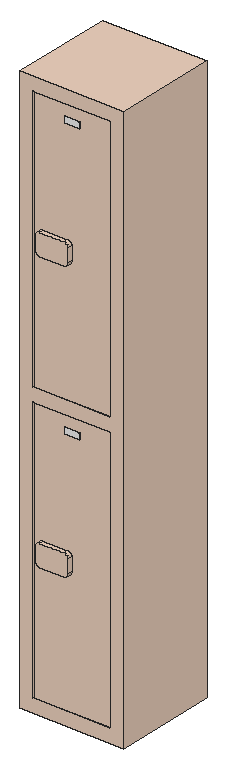
Revit family
Parameters
  Width = 1' - 0"
  Warranty Duration (Years) = 0
  URL = "http://www.asilockers.com/"
  Specification = "http://www.arcat.com/sdspecs/htm/10503asi.htm"
  Send Message = "http://www.arcat.com/users.pl?action=UserEmail&company=ASI%20Storage%20Solutions%20Inc.&coid=42798&rep=139&fax=901-312-6197&mf="
  Sales Information = "http://www.asilockers.com/company.html"
  Revision = "R1_08-2010"
  Product Properties = "http://www.arcat.com/bim/bim_info.pl?fn=ASIStorage"
  Product Data = "http://www.arcat.com/arcatcos/cos42/arc42798.html"
  Number Plate Material = Metal - Polished Aluminum
  Model = "As Specified in 10 51 13"
  Manufacturer Website = "http://www.asilockers.com/"
  Manufacturer Phone = "901-312-6195 "
  Manufacturer Fax = "901-312-6197"
  Manufacturer Address = "4444 Delp St., Memphis, TN 38118"
  Manufacturer = "ASI Storage Solutions Inc."
  Maintenance Schedule (Months) = 0
  Keynote = "10 51 13"
  Installation-Fabrication = "http://www.asilockers.com/installation-assembly/installation.pdf"
  Installation Phase = ""
  Height = 5' - 6"
  Finish = "High density polyethylene (HDPE) sheet"
  Expected Lifespan (Years) = 0
  Drawn By = "Robert S. Weygant, CSI, CDT, SCIP"
  Description = "As Specified in 10 51 13"
  Depth = 1' - 0"
  Copyright = "2010, ARCAT, Inc"
  Construction Details = "http://www.asilockers.com/installation-assembly/one-page-assembly.pdf"
  Color Chart = "http://www.asilockers.com/color-guide.html"
  Color [instance] = Plastic - Ivory Essence Speckle #9500
  Assembly Code = "E2010200"
Reference planes (in)
  plane 1 "Center (Front/Back)": y = 0
  plane 2 "Bottom": z = 0
  plane 3 "Center (Left/Right)": x = 0
  plane 4 "Front": y = -6
  plane 5 "Back": y = 6
  plane 6 "Left": x = -6
  plane 7 "Right": x = 6
  plane 8 "Top": z = 66
  plane 9 "General Ref 2": z = 33
  plane 10 "General Ref 1": z = 65.25
  plane 11 "General Ref 3": z = 0.75
Forms (in)
  Extrusion 1, solid, material "Plastic - Ivory Essence Speckle #9500" <- "Color"
    sketch origin (0, 0, 0) x (1, 0, 0) y (0, 0, 1)
      loop
        line (-6, 66) -> (-6, 0) -> (6, 0) -> (6, 66) -> (-6, 66)
      loop
        line (4.5, 64.5) -> (-4.5, 64.5) -> (-4.5, 33.75) -> (4.5, 33.75) -> (4.5, 64.5)
      loop
        line (-4.5, 1.5) -> (4.5, 1.5) -> (4.5, 32.247) -> (-4.5, 32.247) -> (-4.5, 1.5)
    from -6 to 6
  Extrusion 2, solid, material "Plastic - Ivory Essence Speckle #9500" <- "Color"
    sketch origin (0, 0, 0) x (1, 0, 0) y (0, 0, 1)
      loop
        line (5, 64.75) -> (-5, 64.75) -> (-5, 1.25) -> (5, 1.25) -> (5, 64.75)
    from -6 to 5.88
Cuts and joins
  joined: Extrusion 1, Extrusion 2
Dimensions and locks (in)
  equal spacing: plane 6 "Left", plane 3 "Center (Left/Right)", plane 7 "Right"
  equal spacing: plane 5 "Back", plane 1 "Center (Front/Back)", plane 4 "Front"
  "Width": plane 6 "Left" to plane 7 "Right"
  "Depth": plane 5 "Back" to plane 4 "Front"
  "Height": plane 8 "Top" to level
  locked: plane 4 "Front" to Extrusion 2 at 0.12
  equal spacing: plane 10 "General Ref 1", plane 9 "General Ref 2", plane 11 "General Ref 3"
  locked: plane 8 "Top" to plane 10 "General Ref 1" at 0.75
  locked: plane 10 "General Ref 1" to nested 1 at 2.46449
  locked: plane 9 "General Ref 2" to nested 2 at 2.46449
  locked: nested 4 to plane 6 "Left" at 4
  locked: plane 9 "General Ref 2" to nested 6 at 5.5655
  locked: nested 5 to plane 11 "General Ref 3" at 6.997
  locked: nested 7 to plane 9 "General Ref 2" at 6.997
  locked: plane 10 "General Ref 1" to nested 8 at 5.5655
  equal spacing: plane 10 "General Ref 1", nested 4, plane 9 "General Ref 2"
  equal spacing: plane 9 "General Ref 2", nested 3, plane 11 "General Ref 3"
  locked: plane 11 "General Ref 3" to level at 0.75
  aligned and locked: plane 5 "Back" to Extrusion 1
  aligned and locked: Extrusion 1 to plane 4 "Front"
  aligned and locked: plane 5 "Back" to Extrusion 2
  aligned and locked: plane 3 "Center (Left/Right)" to nested 1
  aligned and locked: plane 3 "Center (Left/Right)" to nested 2
  aligned and locked: nested 3 to nested 4
  aligned and locked: plane 3 "Center (Left/Right)" to nested 5
  aligned and locked: plane 3 "Center (Left/Right)" to nested 6
  aligned and locked: plane 3 "Center (Left/Right)" to nested 7
  aligned and locked: plane 3 "Center (Left/Right)" to nested 8
Automatic sketch dimensions
  Extrusion 1 sketch curve to plane 6 "Left" = 0' - 0"
  Extrusion 1 sketch curve to plane 7 "Right" = 0' - 0"
  Extrusion 1 sketch curve to plane 8 "Top" = 0' - 0"
  plane 6 "Left" to Extrusion 1 sketch curve = 0' - 1 1/2"
  Extrusion 1 sketch curve to Extrusion 1 sketch curve = 0' - 0"
  Extrusion 1 sketch curve to plane 7 "Right" = 0' - 1 1/2"  (x2)
  plane 11 "General Ref 3" to Extrusion 1 sketch curve = 0' - 0 3/4"
  Extrusion 1 sketch curve to plane 9 "General Ref 2" = 0' - 0.753"
  plane 9 "General Ref 2" to Extrusion 1 sketch curve = 0' - 0 3/4"
  Extrusion 1 sketch curve to plane 10 "General Ref 1" = 0' - 0 3/4"
  plane 6 "Left" to Extrusion 2 sketch curve = 0' - 1"
  Extrusion 2 sketch curve to plane 7 "Right" = 0' - 1"
  plane 11 "General Ref 3" to Extrusion 2 sketch curve = 0' - 0 1/2"
  Extrusion 2 sketch curve to plane 10 "General Ref 1" = 0' - 0 1/2"
  Extrusion 1 sketch curve to level = 0' - 0"
Nested families (in)
  nested 1: "Number Plate" at (0, -5.88, 62.78551) x (1, 0, 0) z (0, -1, 0), type "Number Plate"
  nested 2: "Number Plate" at (0, -5.88, 30.53551) x (1, 0, 0) z (0, -1, 0), type "Number Plate"
  nested 3: "Handle-Locker-Plastic" at (-2, -5.88, 16.875) x (1, 0, 0) z (0, -1, 0), type "Handle-Locker-Plastic"
  nested 4: "Handle-Locker-Plastic" at (-2, -5.88, 49.125) x (1, 0, 0) z (0, -1, 0), type "Handle-Locker-Plastic"
  nested 5: "Round_Holes-4x" at (0, -5.88, 7.747) x (1, 0, 0) z (0, -1, 0), type "Grille-Diamonds"
  nested 6: "Round_Holes-4x" at (0, -5.88, 25.622) x (1, 0, 0) z (0, -1, 0), type "Grille-Diamonds"
  nested 7: "Round_Holes-4x" at (0, -5.88, 39.997) x (1, 0, 0) z (0, -1, 0), type "Grille-Diamonds"
  nested 8: "Round_Holes-4x" at (0, -5.88, 57.872) x (1, 0, 0) z (0, -1, 0), type "Grille-Diamonds"
Definition of nested family "Number Plate"
  Parameters
    Number Plate Material = none
    Default Elevation = 4' - 0"
  Reference planes (in)
    plane 1 "Center (Front/Back)": y = 0
    plane 2: z = 0
    plane 3 "Center (Left/Right)": x = 0
  Forms (in)
    Extrusion 1, solid, material "Metal - Polished Aluminum" <- "Number Plate Material"
      sketch origin (0, 50.91051, 0.0625) x (0, -1, 0) y (-1, 0, 0)
        loop
          line (51.25426, 0.84375) -> (50.56676, 0.84375) -> (50.56676, -0.84375) -> (51.25426, -0.84375) -> (51.25426, 0.84375)
      from 0 to 0.0625
  Dimensions and locks (in)
    Extrusion 1 to Extrusion 1 = 0' - 1 11/16"
Definition of nested family "Handle-Locker-Plastic"
  Parameters
    Material = none
    Default Elevation = 4' - 0"
  Reference planes (in)
    plane 1 "Center (Front/Back)": y = 0
    plane 2: z = 0
    plane 3 "Center (Left/Right)": x = 0
  Forms (in)
    Extrusion 1, solid, material <- "Material"
      sketch origin (0, 0, 0) x (1, 0, 0) y (0, 1, 0)
        loop
          arc (-1.375, 1.25) -> (-1.72855, 1.10355) -> (-1.875, 0.75) r 0.5
          line (-1.875, 0.75) -> (-1.875, -0.75)
          arc (-1.875, -0.75) -> (-1.72855, -1.10355) -> (-1.375, -1.25) r 0.5
          line (-1.375, -1.25) -> (1.375, -1.25)
          arc (1.375, -1.25) -> (1.72855, -1.10355) -> (1.875, -0.75) r 0.5
          line (1.875, -0.75) -> (1.875, 0.75)
          arc (1.875, 0.75) -> (1.72855, 1.10355) -> (1.375, 1.25) r 0.5
          line (1.375, 1.25) -> (-1.375, 1.25)
      from 0 to 0.5
Definition of nested family "Round_Holes-4x"
  Parameters (values of type "Grille-Diamonds")
    Default Elevation = 4' - 0"
    Assembly Code = ""
  Reference planes (in)
    plane 1 "Center (Front/Back)": y = 0
    plane 2: z = 0
    plane 3 "Center (Left/Right)": x = 0
    plane 4: y = 1.8125
  Forms (in)
    Extrusion 1, solid
      sketch origin (0, 0, 0) x (1, 0, 0) y (0, 1, 0)
        loop
          line (-48, 48) -> (-48, -48) -> (48, -48) -> (48, 48) -> (-48, 48)
      from 0 to -12
  Lines and regions (in)
    model lines
      curve 1: circle (3, 0, 0) r 0.1875 normal (0, 0, 1)
      curve 2: circle (1.875, 0, 0) r 0.1875 normal (0, 0, 1)
      curve 3: circle (0.75, 0, 0) r 0.1875 normal (0, 0, 1)
      curve 4: circle (-0.375, 0, 0) r 0.1875 normal (0, 0, 1)
      curve 5: circle (3, 0.90625, 0) r 0.1875 normal (0, 0, 1)
      curve 6: circle (1.875, 0.90625, 0) r 0.1875 normal (0, 0, 1)
      curve 7: circle (0.75, 0.90625, 0) r 0.1875 normal (0, 0, 1)
      curve 8: circle (-0.375, 0.90625, 0) r 0.1875 normal (0, 0, 1)
      curve 9: circle (3, 1.8125, 0) r 0.1875 normal (0, 0, 1)
      curve 10: circle (1.875, 1.8125, 0) r 0.1875 normal (0, 0, 1)
      curve 11: circle (0.75, 1.8125, 0) r 0.1875 normal (0, 0, 1)
      curve 12: circle (-0.375, 1.8125, 0) r 0.1875 normal (0, 0, 1)
  Dimensions and locks (in)
    aligned and locked: plane 2 to Extrusion 1
    aligned and locked: level to Extrusion 1
